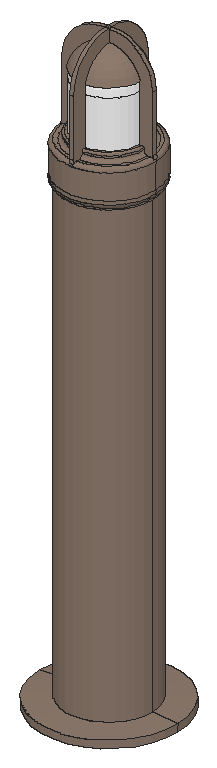
Revit family "BL5374", category Generic Models, Revit 2014
Parameters
  TOP CAP = Bronze, Architectural
  LENS = Acrylic
  BODY = Bronze, Architectural
Reference planes (in)
  plane 1 "Center (Front/Back)": y = 0
  plane 2: z = 0
  plane 3 "Center (Left/Right)": x = 0
Forms (in)
  Revolve 1, solid, material "Bronze, Architectural" <- "BODY"
    sketch origin (0, 0, 0) x (1, 0, 0) y (0, 0, 1)
      loop
        line (0, 0) -> (4.75, 0) -> (4.75, 0.5) -> (3, 0.625) -> (3, 32.13585)
        arc (3, 32.13585) -> (3.02992, 32.24616) -> (3.11147, 32.32623) r 0.2183
        arc (3.11147, 32.32623) -> (3.21256, 32.41841) -> (3.25, 32.55) r 0.25
        line (3.25, 32.55) -> (3.25, 32.8) -> (0, 32.8) -> (0, 0)
      axis (0, 32.8) -> (0, 0)
    angle from 0 to 360
  Revolve 2, solid, material "Bronze, Architectural" <- "TOP CAP"
    sketch origin (0, 0, 0) x (1, 0, 0) y (0, 0, 1)
      loop
        arc (3.25, 34.55) -> (3.17678, 34.72678) -> (3, 34.8) r 0.25
        line (3, 34.8) -> (2.7475, 34.8)
        arc (2.7475, 34.8) -> (2.57072, 34.87322) -> (2.4975, 35.05) r 0.25
        line (2.4975, 35.05) -> (2.4975, 35.175)
        arc (2.4975, 35.175) -> (2.46089, 35.26339) -> (2.3725, 35.3) r 0.125
        line (2.3725, 35.3) -> (0, 35.3) -> (0, 32.8) -> (3.25, 32.8) -> (3.25, 34.55)
      axis (0, 32.8) -> (0, 35.3)
    angle from 0 to 360
  Extrusion 3, solid, material "Bronze, Architectural" <- "TOP CAP"
    sketch origin (0, 0, 0) x (1, 0, 0) y (0, 0, 1)
      loop
        line (2.2475, 38.55) -> (2.2475, 35.3) -> (2.3725, 35.3)
        arc (2.3725, 35.3) -> (2.46089, 35.26339) -> (2.4975, 35.175) r 0.125
        line (2.4975, 35.175) -> (2.4975, 35.05)
        arc (2.4975, 35.05) -> (2.57072, 34.87322) -> (2.7475, 34.8) r 0.25
        line (2.7475, 34.8) -> (3, 34.8)
        arc (3, 34.8) -> (3.11903, 34.76985) -> (3.20934, 34.68666) r 0.25
        arc (3.20934, 34.68666) -> (3.16807, 34.79939) -> (3.15, 34.91806) r 0.60172
        line (3.15, 34.91806) -> (3.15, 38.84268)
        arc (3.15, 38.84268) -> (2.22596, 40.89434) -> (0.125, 41.7) r 2.95406
        line (0.125, 41.7) -> (0, 41.7) -> (-0.125, 41.7)
        arc (-0.125, 41.7) -> (-2.22596, 40.89434) -> (-3.15, 38.84268) r 2.95406
        line (-3.15, 38.84268) -> (-3.15, 34.91806)
        arc (-3.15, 34.91806) -> (-3.16807, 34.79939) -> (-3.20934, 34.68666) r 0.60172
        arc (-3.20934, 34.68666) -> (-3.11903, 34.76985) -> (-3, 34.8) r 0.25
        line (-3, 34.8) -> (-2.7475, 34.8)
        arc (-2.7475, 34.8) -> (-2.57072, 34.87322) -> (-2.4975, 35.05) r 0.25
        line (-2.4975, 35.05) -> (-2.4975, 35.175)
        arc (-2.4975, 35.175) -> (-2.46089, 35.26339) -> (-2.3725, 35.3) r 0.125
        line (-2.3725, 35.3) -> (-2.2475, 35.3) -> (-2.2475, 38.55)
        arc (-2.2475, 38.55) -> (-1.58922, 40.13922) -> (0, 40.7975) r 2.2475
        arc (0, 40.7975) -> (1.58922, 40.13922) -> (2.2475, 38.55) r 2.2475
    from -0.125 to 0.125
  Extrusion 4, solid, material "Bronze, Architectural" <- "TOP CAP"
    sketch origin (0, 0, 0) x (0, -1, 0) y (0, 0, 1)
      loop
        line (2.2475, 38.55) -> (2.2475, 35.3) -> (2.3725, 35.3)
        arc (2.3725, 35.3) -> (2.46089, 35.26339) -> (2.4975, 35.175) r 0.125
        line (2.4975, 35.175) -> (2.4975, 35.05)
        arc (2.4975, 35.05) -> (2.57072, 34.87322) -> (2.7475, 34.8) r 0.25
        line (2.7475, 34.8) -> (3, 34.8)
        arc (3, 34.8) -> (3.11903, 34.76985) -> (3.20934, 34.68666) r 0.25
        arc (3.20934, 34.68666) -> (3.16807, 34.79939) -> (3.15, 34.91806) r 0.60172
        line (3.15, 34.91806) -> (3.15, 38.84268)
        arc (3.15, 38.84268) -> (2.22596, 40.89434) -> (0.125, 41.7) r 2.95406
        line (0.125, 41.7) -> (0, 41.7) -> (-0.125, 41.7)
        arc (-0.125, 41.7) -> (-2.22596, 40.89434) -> (-3.15, 38.84268) r 2.95406
        line (-3.15, 38.84268) -> (-3.15, 34.91806)
        arc (-3.15, 34.91806) -> (-3.16807, 34.79939) -> (-3.20934, 34.68666) r 0.60172
        arc (-3.20934, 34.68666) -> (-3.11903, 34.76985) -> (-3, 34.8) r 0.25
        line (-3, 34.8) -> (-2.7475, 34.8)
        arc (-2.7475, 34.8) -> (-2.57072, 34.87322) -> (-2.4975, 35.05) r 0.25
        line (-2.4975, 35.05) -> (-2.4975, 35.175)
        arc (-2.4975, 35.175) -> (-2.46089, 35.26339) -> (-2.3725, 35.3) r 0.125
        line (-2.3725, 35.3) -> (-2.2475, 35.3) -> (-2.2475, 38.55)
        arc (-2.2475, 38.55) -> (-1.58922, 40.13922) -> (0, 40.7975) r 2.2475
        arc (0, 40.7975) -> (1.58922, 40.13922) -> (2.2475, 38.55) r 2.2475
    from -0.125 to 0.125
  Revolve 5, solid, material "Bronze, Architectural" <- "TOP CAP"
    sketch origin (0, 0, 0) x (1, 0, 0) y (0, 0, 1)
      loop
        arc (2.24531, 39.2) -> (1.40664, 40.42061) -> (0, 40.88388) r 2.31683
        line (0, 40.88388) -> (0, 39.2) -> (2.24531, 39.2)
      axis (0, 40.88388) -> (0, 39.2)
    angle from 0 to 360
  Revolve 6, solid, material "Acrylic" <- "LENS"
    sketch origin (0, 0, 0) x (1, 0, 0) y (0, 0, 1)
      loop
        line (0, 40.735) -> (0, 35.3) -> (2.185, 35.3) -> (2.185, 38.55)
        arc (2.185, 38.55) -> (1.54503, 40.09503) -> (0, 40.735) r 2.185
      axis (0, 40.735) -> (0, 35.3)
    angle from 0 to 360
Lines and regions (in)
  model lines
    curve 1: line (2.185, 0, 35.3) -> (-2.185, 0, 35.3)
    curve 2: line (2.24531, 0, 39.2) -> (0, 0, 39.2)
    curve 3: arc (2.185, 0, 38.55) -> (0, 0, 40.735) -> (-2.185, 0, 38.55) r 2.185
Dimensions and locks (in)
  aligned and locked: plane 2 to level
